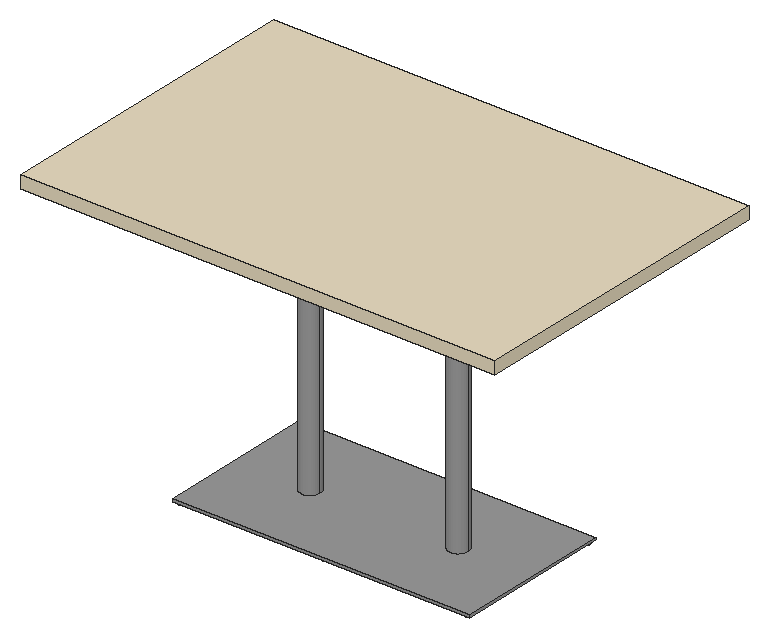
Revit family "FU_Table_Sandler_596T-XT", category Furniture, Revit 2020
Family settings
  OmniClass Number = 23.40.20.00
  OmniClass Title = General Furniture and Specialties
  Work Plane-Based = No
  Always vertical = Yes
  Cut with Voids When Loaded = No
  Shared = No
  Room Calculation Point = No
Parameters (values of type "596T-MT - 32x48" Top (80x120cm)")
  Width = 750 mm
  URL = "https://www.sandlerseating.com/product/596t-mt/"
  Top Size = FU_TableTops_MT Sqr : 32x48" Top (80x120cm)
  Top Finish [instance] = Wood - Beech - Honey Stained
  Model = "596T-MT"
  Manufacturer = "Sandler"
  Height = 720 mm
  Frame Finish [instance] = Metal - Steel - Polished
  Elevation = Height  # 720 mm
  Description = "Double column table base in stainless steel."
  Depth = 400 mm
  Default Elevation = 0 mm
Types (4, lengths in mm): name | Top Size | Frame Finish
  596T-MT - 28x48" Top (70x120cm) | FU_TableTops_MT Sqr : 28x48" Top (70x120cm) | Metal - Steel - Polished
  596T-MT - 28x51" Top (70x130cm) | FU_TableTops_MT Sqr : 28x52" Top (70x130cm) | Metal - Steel - Matt-Satin
  596T-MT - 32x48" Top (80x120cm) | FU_TableTops_MT Sqr : 32x48" Top (80x120cm) | Metal - Steel - Polished
  596T-MT - 32x51" Top (80x130cm) | FU_TableTops_MT Sqr : 32x52" Top (80x130cm) | Metal - Steel - Polished
Reference planes
  plane 1 "Center (Front/Back)": y = 0
  plane 2: z = 0
  plane 3 "Center (Left/Right)": x = 0
  plane 4 "Right": x = -375
  plane 5 "Left": x = 375
  plane 6 "Back": y = 200
  plane 7 "Front": y = -200
  plane 8 "Height": z = 720
  plane 9 "Glide height": z = 4
  plane 10 "LG H": y = 185.83
  plane 11: x = -360.83
  plane 12: x = -187.5
  plane 13: x = 187.5
Forms (mm)
  Extrusion 1, solid, material "Metal - Steel - Polished" <- "Frame Finish"
    sketch origin (0, 0, 4) x (-1, 0, 0) y (0, -1, 0)
      loop
        line (375, -200) -> (375, 200) -> (-375, 200) -> (-375, -200) -> (375, -200)
    from 0 to 6
  Revolve 2, solid, material "Rubber, Black"
    sketch origin (0, 185.83, 0) x (-1, 0, 0) y (0, 0, 1)
      loop
        line (372.33, 4) -> (360.83, 4) -> (360.83, 0) -> (370.33, 0)
        arc (370.33, 0) -> (371.744, 0.586) -> (372.33, 2) r 2
        line (372.33, 2) -> (372.33, 4)
      axis (360.83, 4) -> (360.83, 0)
    angle from 0 to 360
  Revolve 3, solid, material "Rubber, Black"
    sketch origin (0, 185.83, 0) x (1, 0, 0) y (0, 0, 1)
      loop
        line (372.33, 4) -> (362.33, 4) -> (362.33, 0) -> (370.33, 0)
        arc (370.33, 0) -> (371.744, 0.586) -> (372.33, 2) r 2
        line (372.33, 2) -> (372.33, 4)
      axis (362.33, 4) -> (362.33, 0)
    angle from 0 to 360
  Revolve 4, solid, material "Rubber, Black"
    sketch origin (0, -185.83, 0) x (-1, 0, 0) y (0, 0, -1)
      loop
        line (372.33, -4) -> (372.33, -2)
        arc (372.33, -2) -> (371.744, -0.586) -> (370.33, 0) r 2
        line (370.33, 0) -> (360.83, 0) -> (360.83, -4) -> (372.33, -4)
      axis (360.83, -4) -> (360.83, 0)
    angle from 0 to 360
  Revolve 5, solid, material "Rubber, Black"
    sketch origin (0, -185.83, 0) x (1, 0, 0) y (0, 0, 1)
      loop
        line (372.33, 4) -> (362.33, 4) -> (362.33, 0) -> (370.33, 0)
        arc (370.33, 0) -> (371.744, 0.586) -> (372.33, 2) r 2
        line (372.33, 2) -> (372.33, 4)
      axis (362.33, 4) -> (362.33, 0)
    angle from 0 to 360
  Revolve 6, solid, material "Rubber, Black"
    sketch origin (-360.83, 185.83, 0) x (1, 0, 0) y (0, 0, 1)
      loop
        line (370.83, 4) -> (360.83, 4) -> (360.83, 0) -> (368.83, 0)
        arc (368.83, 0) -> (370.244, 0.586) -> (370.83, 2) r 2
        line (370.83, 2) -> (370.83, 4)
      axis (360.83, 4) -> (360.83, 0)
    angle from 0 to 360
  Revolve 7, solid, material "Rubber, Black"
    sketch origin (-360.83, -185.83, 0) x (1, 0, 0) y (0, 0, 1)
      loop
        line (370.83, 4) -> (360.83, 4) -> (360.83, 0) -> (368.83, 0)
        arc (368.83, 0) -> (370.244, 0.586) -> (370.83, 2) r 2
        line (370.83, 2) -> (370.83, 4)
      axis (360.83, 4) -> (360.83, 0)
    angle from 0 to 360
  Extrusion 8, solid, material "Metal - Steel - Polished" <- "Frame Finish"
    sketch origin (0, 0, 4) x (-1, 0, 0) y (0, -1, 0)
      loop
        circle (187.5, 0) r 25
    from 6 to 716
  Extrusion 9, solid, material "Metal - Steel - Polished" <- "Frame Finish"
    sketch origin (0, 0, 4) x (1, 0, 0) y (0, 1, 0)
      loop
        circle (187.5, 0) r 25
    from 6 to 716
  Extrusion 10, solid, material "Metal - Steel - Polished" <- "Frame Finish"
    sketch origin (0, 0, 720) x (-1, 0, 0) y (0, -1, 0)
      loop
        line (235.5, 44.024) -> (307.236, 117.26)
        arc (307.236, 117.26) -> (304.417, 120.065) -> (301.532, 122.802) r 167.789
        line (301.532, 122.802) -> (227.879, 47.718) -> (147.12, 47.718) -> (73.468, 122.802)
        arc (73.468, 122.802) -> (70.583, 120.065) -> (67.764, 117.26) r 167.789
        line (67.764, 117.26) -> (139.5, 44.024) -> (139.5, -44.024) -> (67.486, -116.038)
        arc (67.486, -116.038) -> (70.298, -118.884) -> (73.177, -121.661) r 166.741
        line (73.177, -121.661) -> (146.556, -48.282) -> (228.444, -48.282) -> (301.823, -121.661)
        arc (301.823, -121.661) -> (304.702, -118.884) -> (307.514, -116.038) r 166.741
        line (307.514, -116.038) -> (235.5, -44.024) -> (235.5, 44.024)
    from -5.84 to -20
  Extrusion 11, solid, material "Metal - Steel - Polished" <- "Frame Finish"
    sketch origin (0, 0, 720) x (-1, 0, 0) y (0, -1, 0)
      loop
        arc (235.5, 9.198) -> (237.694, 20.46) -> (243.955, 30.074) r 30
        line (243.955, 30.074) -> (342.527, 133.309)
        arc (342.527, 133.309) -> (344.782, 138.939) -> (342.439, 144.533) r 8
        line (342.439, 144.533) -> (329.622, 157.35)
        arc (329.622, 157.35) -> (323.965, 159.693) -> (318.308, 157.35) r 8
        line (318.308, 157.35) -> (219.527, 57.069)
        arc (219.527, 57.069) -> (209.794, 50.566) -> (198.314, 48.282) r 30
        line (198.314, 48.282) -> (176.686, 48.282)
        arc (176.686, 48.282) -> (165.206, 50.566) -> (155.473, 57.069) r 30
        line (155.473, 57.069) -> (56.692, 157.35)
        arc (56.692, 157.35) -> (51.035, 159.693) -> (45.378, 157.35) r 8
        line (45.378, 157.35) -> (32.561, 144.533)
        arc (32.561, 144.533) -> (30.218, 138.939) -> (32.473, 133.309) r 8
        line (32.473, 133.309) -> (131.045, 30.074)
        arc (131.045, 30.074) -> (137.306, 20.46) -> (139.5, 9.198) r 30
        line (139.5, 9.198) -> (139.5, -9.198)
        arc (139.5, -9.198) -> (137.306, -20.46) -> (131.045, -30.074) r 30
        line (131.045, -30.074) -> (32.473, -131.809)
        arc (32.473, -131.809) -> (30.218, -137.439) -> (32.561, -143.033) r 8
        line (32.561, -143.033) -> (45.378, -155.85)
        arc (45.378, -155.85) -> (51.035, -158.193) -> (56.692, -155.85) r 8
        line (56.692, -155.85) -> (155.473, -57.069)
        arc (155.473, -57.069) -> (165.206, -50.566) -> (176.686, -48.282) r 30
        line (176.686, -48.282) -> (198.314, -48.282)
        arc (198.314, -48.282) -> (209.794, -50.566) -> (219.527, -57.069) r 30
        line (219.527, -57.069) -> (318.308, -155.85)
        arc (318.308, -155.85) -> (323.965, -158.193) -> (329.622, -155.85) r 8
        line (329.622, -155.85) -> (342.439, -143.033)
        arc (342.439, -143.033) -> (344.782, -137.439) -> (342.527, -131.809) r 8
        line (342.527, -131.809) -> (243.955, -30.074)
        arc (243.955, -30.074) -> (237.694, -20.46) -> (235.5, -9.198) r 30
        line (235.5, -9.198) -> (235.5, 9.198)
      loop
        line (53.101, -141.055) -> (62.998, -131.158)
        arc (62.998, -131.158) -> (62.998, -125.502) -> (57.342, -125.502) r 3.999
        line (57.342, -125.502) -> (47.445, -135.399)
        arc (47.445, -135.399) -> (47.5, -141.001) -> (53.101, -141.055) r 4
      loop
        arc (321.899, -141.055) -> (327.5, -141.001) -> (327.555, -135.399) r 4
        line (327.555, -135.399) -> (317.658, -125.502)
        arc (317.658, -125.502) -> (312.002, -125.502) -> (312.002, -131.158) r 3.999
        line (312.002, -131.158) -> (321.899, -141.055)
      loop
        arc (53.101, 142.555) -> (47.5, 142.501) -> (47.445, 136.899) r 4
        line (47.445, 136.899) -> (57.342, 127.002)
        arc (57.342, 127.002) -> (62.998, 127.002) -> (62.998, 132.658) r 3.999
        line (62.998, 132.658) -> (53.101, 142.555)
      loop
        line (321.899, 142.555) -> (312.002, 132.658)
        arc (312.002, 132.658) -> (312.002, 127.002) -> (317.658, 127.002) r 3.999
        line (317.658, 127.002) -> (327.555, 136.899)
        arc (327.555, 136.899) -> (327.5, 142.501) -> (321.899, 142.555) r 4
      loop
        circle (187.5, 0) r 7.5
    from -9.84 to 0
  Extrusion 12, solid, material "Metal - Steel - Polished" <- "Frame Finish"
    sketch origin (0, 0, 720) x (1, 0, 0) y (0, 1, 0)
      loop
        line (235.5, -44.024) -> (235.5, 44.024) -> (309.014, 116.038)
        arc (309.014, 116.038) -> (306.203, 118.919) -> (303.323, 121.732) r 167.824
        line (303.323, 121.732) -> (228.444, 48.282) -> (146.556, 48.282) -> (73.177, 121.661)
        arc (73.177, 121.661) -> (70.298, 118.884) -> (67.486, 116.038) r 166.741
        line (67.486, 116.038) -> (139.5, 44.024) -> (139.5, -44.024) -> (67.764, -117.26)
        arc (67.764, -117.26) -> (70.583, -120.065) -> (73.468, -122.802) r 167.789
        line (73.468, -122.802) -> (147.12, -47.718) -> (227.879, -47.718) -> (303.032, -122.871)
        arc (303.032, -122.871) -> (305.917, -120.1) -> (308.736, -117.26) r 168.862
        line (308.736, -117.26) -> (235.5, -44.024)
    from -5.84 to -20
  Extrusion 13, solid, material "Metal - Steel - Polished" <- "Frame Finish"
    sketch origin (0, 0, 720) x (1, 0, 0) y (0, 1, 0)
      loop
        line (235.5, -9.198) -> (235.5, 9.198)
        arc (235.5, 9.198) -> (237.694, 20.46) -> (243.955, 30.074) r 30
        line (243.955, 30.074) -> (344.027, 131.809)
        arc (344.027, 131.809) -> (346.282, 137.439) -> (343.939, 143.033) r 8
        line (343.939, 143.033) -> (331.122, 155.85)
        arc (331.122, 155.85) -> (325.465, 158.193) -> (319.808, 155.85) r 8
        line (319.808, 155.85) -> (219.527, 57.069)
        arc (219.527, 57.069) -> (209.794, 50.566) -> (198.314, 48.282) r 30
        line (198.314, 48.282) -> (176.686, 48.282)
        arc (176.686, 48.282) -> (165.206, 50.566) -> (155.473, 57.069) r 30
        line (155.473, 57.069) -> (56.692, 155.85)
        arc (56.692, 155.85) -> (51.035, 158.193) -> (45.378, 155.85) r 8
        line (45.378, 155.85) -> (32.561, 143.033)
        arc (32.561, 143.033) -> (30.218, 137.439) -> (32.473, 131.809) r 8
        line (32.473, 131.809) -> (131.045, 30.074)
        arc (131.045, 30.074) -> (137.306, 20.46) -> (139.5, 9.198) r 30
        line (139.5, 9.198) -> (139.5, -9.198)
        arc (139.5, -9.198) -> (137.306, -20.46) -> (131.045, -30.074) r 30
        line (131.045, -30.074) -> (32.473, -133.309)
        arc (32.473, -133.309) -> (30.218, -138.939) -> (32.561, -144.533) r 8
        line (32.561, -144.533) -> (45.378, -157.35)
        arc (45.378, -157.35) -> (51.035, -159.693) -> (56.692, -157.35) r 8
        line (56.692, -157.35) -> (155.473, -57.069)
        arc (155.473, -57.069) -> (165.206, -50.566) -> (176.686, -48.282) r 30
        line (176.686, -48.282) -> (198.314, -48.282)
        arc (198.314, -48.282) -> (209.794, -50.566) -> (219.527, -57.069) r 30
        line (219.527, -57.069) -> (319.808, -157.35)
        arc (319.808, -157.35) -> (325.465, -159.693) -> (331.122, -157.35) r 8
        line (331.122, -157.35) -> (343.939, -144.533)
        arc (343.939, -144.533) -> (346.282, -138.939) -> (344.027, -133.309) r 8
        line (344.027, -133.309) -> (243.955, -30.074)
        arc (243.955, -30.074) -> (237.694, -20.46) -> (235.5, -9.198) r 30
      loop
        arc (53.101, 141.055) -> (47.5, 141.001) -> (47.445, 135.399) r 4
        line (47.445, 135.399) -> (57.342, 125.502)
        arc (57.342, 125.502) -> (62.998, 125.502) -> (62.998, 131.158) r 3.999
        line (62.998, 131.158) -> (53.101, 141.055)
      loop
        line (323.399, 141.055) -> (313.502, 131.158)
        arc (313.502, 131.158) -> (313.502, 125.502) -> (319.158, 125.502) r 3.999
        line (319.158, 125.502) -> (329.055, 135.399)
        arc (329.055, 135.399) -> (329, 141.001) -> (323.399, 141.055) r 4
      loop
        line (53.101, -142.555) -> (62.998, -132.658)
        arc (62.998, -132.658) -> (62.998, -127.002) -> (57.342, -127.002) r 3.999
        line (57.342, -127.002) -> (47.445, -136.899)
        arc (47.445, -136.899) -> (47.5, -142.501) -> (53.101, -142.555) r 4
      loop
        arc (323.399, -142.555) -> (329, -142.501) -> (329.055, -136.899) r 4
        line (329.055, -136.899) -> (319.158, -127.002)
        arc (319.158, -127.002) -> (313.502, -127.002) -> (313.502, -132.658) r 3.999
        line (313.502, -132.658) -> (323.399, -142.555)
      loop
        circle (187.5, 0) r 7.5
    from -9.84 to 0
Cuts and joins
  joined: Extrusion 1, Extrusion 8, Extrusion 9, Extrusion 10, Extrusion 11, Extrusion 12, Extrusion 13
Dimensions and locks
  equal spacing: plane 4 "Right", plane 3 "Center (Left/Right)", plane 5 "Left"
  "Width": plane 4 "Right" to plane 5 "Left"
  equal spacing: plane 6 "Back", plane 1 "Center (Front/Back)", plane 7 "Front"
  "Depth": plane 6 "Back" to plane 7 "Front"
  "Height": plane 8 "Height" to level
  plane 9 "Glide height" to level = 4 mm
  aligned and locked: level to plane 2
  aligned and locked: plane 8 "Height" to cut or joined group of Extrusion 1, Extrusion 8, Extrusion 9, Extrusion 10, Extrusion 11, Extrusion 12, Extrusion 13  (x2)
Automatic sketch dimensions
  Extrusion 1 sketch curve to plane 5 "Left" = 0 mm
  Extrusion 1 sketch curve to plane 4 "Right" = 0 mm
  Extrusion 1 sketch curve to plane 6 "Back" = 0 mm
  Extrusion 1 sketch curve to plane 7 "Front" = 0 mm
  Revolve 2 sketch curve to plane 9 "Glide height" = 0 mm  (x2)
  plane 11 to Revolve 2 sketch curve = 0 mm  (x2)
  Revolve 2 sketch curve to level = 0 mm
  level to Revolve 2 sketch curve = 2 mm
  Revolve 2 sketch curve to plane 4 "Right" = 4.67 mm
  Revolve 2 sketch curve to level = 1.303 mm
  Revolve 3 sketch curve to plane 9 "Glide height" = 0 mm  (x2)
  Revolve 3 sketch curve to level = 0 mm
  Revolve 3 sketch curve to plane 5 "Left" = 12.67 mm
  Revolve 3 sketch curve to level = 2 mm
  Revolve 3 sketch curve to plane 5 "Left" = 4.67 mm
  Revolve 3 sketch curve to Revolve 3 sketch curve = 0 mm
  Revolve 3 sketch curve to Revolve 3 sketch curve = 1.303 mm
  Revolve 4 sketch curve to plane 9 "Glide height" = 0 mm  (x2)
  plane 11 to Revolve 4 sketch curve = 0 mm  (x2)
  Revolve 4 sketch curve to level = 0 mm
  level to Revolve 4 sketch curve = 2 mm
  Revolve 4 sketch curve to plane 4 "Right" = 4.67 mm
  Revolve 4 sketch curve to level = 1.303 mm
  Revolve 5 sketch curve to plane 9 "Glide height" = 0 mm  (x2)
  Revolve 5 sketch curve to level = 0 mm
  plane 5 "Left" to Revolve 5 sketch curve = 12.67 mm
  level to Revolve 5 sketch curve = 2 mm
  plane 5 "Left" to Revolve 5 sketch curve = 4.67 mm
  Revolve 5 sketch curve to Revolve 5 sketch curve = 0 mm
  Revolve 5 sketch curve to Revolve 5 sketch curve = 1.303 mm
  Revolve 6 sketch curve to plane 9 "Glide height" = 0 mm  (x2)
  Revolve 6 sketch curve to level = 0 mm
  plane 3 "Center (Left/Right)" to Revolve 6 sketch curve = 0 mm
  Revolve 6 sketch curve to level = 2 mm
  Revolve 6 sketch curve to plane 3 "Center (Left/Right)" = 8 mm
  Revolve 6 sketch curve to Revolve 6 sketch curve = 0 mm
  Revolve 6 sketch curve to Revolve 6 sketch curve = 1.303 mm
  Revolve 7 sketch curve to plane 9 "Glide height" = 0 mm  (x2)
  Revolve 7 sketch curve to level = 0 mm
  Revolve 7 sketch curve to plane 3 "Center (Left/Right)" = 0 mm
  level to Revolve 7 sketch curve = 2 mm
  plane 3 "Center (Left/Right)" to Revolve 7 sketch curve = 8 mm
  Revolve 7 sketch curve to Revolve 7 sketch curve = 0 mm
  Revolve 7 sketch curve to Revolve 7 sketch curve = 1.303 mm
  Extrusion 10 sketch curve to Extrusion 10 sketch curve = 0 mm  (x12)
  Extrusion 10 sketch curve to plane 12 = 0 mm
  Extrusion 10 sketch curve to plane 12 = 40.38 mm
  Extrusion 10 sketch curve to plane 12 = 40.944 mm
  Extrusion 10 sketch curve to Extrusion 10 sketch curve = 7.056 mm  (x2)
  Extrusion 10 sketch curve to plane 3 "Center (Left/Right)" = 73.468 mm
  Extrusion 10 sketch curve to plane 3 "Center (Left/Right)" = 73.177 mm
  Extrusion 10 sketch curve to Extrusion 10 sketch curve = 5.704 mm  (x2)
  Extrusion 10 sketch curve to Extrusion 10 sketch curve = 5.691 mm  (x2)
  plane 12 to Extrusion 10 sketch curve = 40.38 mm
  plane 12 to Extrusion 10 sketch curve = 40.944 mm
  Extrusion 10 sketch curve to plane 11 = 59.298 mm
  Extrusion 10 sketch curve to plane 11 = 59.007 mm
  Extrusion 10 sketch curve to plane 10 "LG H" = 64.169 mm  (x2)
  Extrusion 10 sketch curve to Extrusion 10 sketch curve = 5.623 mm
  Extrusion 10 sketch curve to plane 1 "Center (Front/Back)" = 48.282 mm
  Extrusion 10 sketch curve to Extrusion 10 sketch curve = 4.258 mm  (x2)
  plane 1 "Center (Front/Back)" to Extrusion 10 sketch curve = 44.024 mm  (x2)
  Extrusion 10 sketch curve to Extrusion 10 sketch curve = 3.693 mm
  plane 7 "Front" to Extrusion 10 sketch curve = 82.74 mm  (x2)
  plane 1 "Center (Front/Back)" to Extrusion 11 sketch curve = 0 mm
  Extrusion 11 sketch curve to plane 12 = 0 mm
  Extrusion 11 sketch curve to plane 12 = 10.814 mm  (x2)
  Extrusion 11 sketch curve to Extrusion 11 sketch curve = 21.213 mm  (x5)
  plane 1 "Center (Front/Back)" to Extrusion 11 sketch curve = 9.198 mm  (x2)
  Extrusion 11 sketch curve to plane 12 = 48 mm
  Extrusion 11 sketch curve to plane 1 "Center (Front/Back)" = 30.074 mm  (x2)
  Extrusion 11 sketch curve to Extrusion 11 sketch curve = 8.455 mm  (x4)
  plane 1 "Center (Front/Back)" to Extrusion 11 sketch curve = 30.074 mm  (x2)
  Extrusion 11 sketch curve to plane 1 "Center (Front/Back)" = 9.198 mm  (x2)
  Extrusion 11 sketch curve to plane 3 "Center (Left/Right)" = 62.998 mm  (x2)
  Extrusion 11 sketch curve to Extrusion 11 sketch curve = 2.828 mm  (x12)
  Extrusion 11 sketch curve to Extrusion 11 sketch curve = 6.306 mm  (x4)
  Extrusion 11 sketch curve to Extrusion 11 sketch curve = 9.897 mm  (x8)
  Extrusion 11 sketch curve to Extrusion 11 sketch curve = 5.657 mm  (x18)
  Extrusion 11 sketch curve to Extrusion 11 sketch curve = 2.773 mm  (x6)
  Extrusion 11 sketch curve to Extrusion 11 sketch curve = 2.883 mm  (x6)
  Extrusion 11 sketch curve to plane 10 "LG H" = 29.98 mm  (x2)
  Extrusion 11 sketch curve to Extrusion 11 sketch curve = 9.227 mm  (x4)
  Extrusion 11 sketch curve to Extrusion 11 sketch curve = 5.745 mm  (x4)
  plane 12 to Extrusion 11 sketch curve = 10.814 mm  (x2)
  plane 12 to Extrusion 11 sketch curve = 48 mm
  Extrusion 11 sketch curve to plane 11 = 48.828 mm  (x2)
  Extrusion 11 sketch curve to Extrusion 11 sketch curve = 12.817 mm  (x2)
  Extrusion 11 sketch curve to Extrusion 11 sketch curve = 9.138 mm  (x4)
  Extrusion 11 sketch curve to Extrusion 11 sketch curve = 48.208 mm
  Extrusion 11 sketch curve to Extrusion 11 sketch curve = 0 mm
  plane 1 "Center (Front/Back)" to Extrusion 11 sketch curve = 48.282 mm
  Extrusion 11 sketch curve to Extrusion 11 sketch curve = 8.787 mm  (x2)
  plane 7 "Front" to Extrusion 11 sketch curve = 72.998 mm  (x2)
  Extrusion 11 sketch curve to Extrusion 11 sketch curve = 6.307 mm  (x2)
  Extrusion 11 sketch curve to Extrusion 11 sketch curve = 5.567 mm  (x2)
  Extrusion 12 sketch curve to Extrusion 12 sketch curve = 0 mm  (x12)
  Extrusion 12 sketch curve to plane 3 "Center (Left/Right)" = 67.486 mm
  Extrusion 12 sketch curve to plane 3 "Center (Left/Right)" = 67.764 mm
  Extrusion 12 sketch curve to Extrusion 12 sketch curve = 5.691 mm  (x2)
  Extrusion 12 sketch curve to Extrusion 12 sketch curve = 5.704 mm  (x2)
  plane 1 "Center (Front/Back)" to Extrusion 12 sketch curve = 44.024 mm  (x2)
  Extrusion 12 sketch curve to Extrusion 12 sketch curve = 72.014 mm
  plane 1 "Center (Front/Back)" to Extrusion 12 sketch curve = 48.282 mm
  Extrusion 12 sketch curve to Extrusion 12 sketch curve = 7.056 mm  (x2)
  Extrusion 12 sketch curve to plane 1 "Center (Front/Back)" = 47.718 mm
  Extrusion 12 sketch curve to Extrusion 12 sketch curve = 7.62 mm
  plane 1 "Center (Front/Back)" to Extrusion 12 sketch curve = 0.282 mm
  Extrusion 12 sketch curve to Extrusion 12 sketch curve = 40.38 mm  (x2)
  Extrusion 12 sketch curve to Extrusion 12 sketch curve = 40.944 mm
  Extrusion 12 sketch curve to plane 5 "Left" = 71.968 mm
  Extrusion 12 sketch curve to plane 5 "Left" = 71.677 mm
  plane 10 "LG H" to Extrusion 12 sketch curve = 69.792 mm  (x2)
  Extrusion 12 sketch curve to Extrusion 12 sketch curve = 3.693 mm  (x2)
  Extrusion 12 sketch curve to plane 7 "Front" = 82.74 mm  (x2)
  plane 1 "Center (Front/Back)" to Extrusion 13 sketch curve = 0 mm
  Extrusion 13 sketch curve to plane 3 "Center (Left/Right)" = 32.473 mm  (x2)
  Extrusion 13 sketch curve to Extrusion 13 sketch curve = 0.089 mm  (x2)
  Extrusion 13 sketch curve to Extrusion 13 sketch curve = 5.745 mm  (x4)
  Extrusion 13 sketch curve to Extrusion 13 sketch curve = 12.817 mm  (x4)
  Extrusion 13 sketch curve to Extrusion 13 sketch curve = 9.227 mm  (x4)
  Extrusion 13 sketch curve to Extrusion 13 sketch curve = 2.883 mm  (x6)
  Extrusion 13 sketch curve to Extrusion 13 sketch curve = 5.657 mm  (x16)
  Extrusion 13 sketch curve to Extrusion 13 sketch curve = 2.773 mm  (x6)
  plane 10 "LG H" to Extrusion 13 sketch curve = 29.98 mm  (x2)
  Extrusion 13 sketch curve to Extrusion 13 sketch curve = 9.897 mm  (x8)
  Extrusion 13 sketch curve to Extrusion 13 sketch curve = 2.828 mm  (x12)
  plane 1 "Center (Front/Back)" to Extrusion 13 sketch curve = 9.198 mm  (x2)
  Extrusion 13 sketch curve to plane 3 "Center (Left/Right)" = 109.5 mm
  Extrusion 13 sketch curve to Extrusion 13 sketch curve = 0 mm
  Extrusion 13 sketch curve to plane 1 "Center (Front/Back)" = 30.074 mm  (x2)
  Extrusion 13 sketch curve to Extrusion 13 sketch curve = 21.545 mm  (x2)
  plane 1 "Center (Front/Back)" to Extrusion 13 sketch curve = 30.074 mm  (x2)
  Extrusion 13 sketch curve to plane 1 "Center (Front/Back)" = 57.069 mm  (x2)
  Extrusion 13 sketch curve to Extrusion 13 sketch curve = 24.427 mm  (x2)
  plane 1 "Center (Front/Back)" to Extrusion 13 sketch curve = 57.069 mm  (x2)
  Extrusion 13 sketch curve to Extrusion 13 sketch curve = 21.213 mm  (x5)
  Extrusion 13 sketch curve to Extrusion 13 sketch curve = 48 mm  (x2)
  Extrusion 13 sketch curve to Extrusion 13 sketch curve = 21.628 mm  (x2)
  Extrusion 13 sketch curve to plane 1 "Center (Front/Back)" = 9.198 mm
  Extrusion 13 sketch curve to Extrusion 13 sketch curve = 8.455 mm  (x2)
  Extrusion 13 sketch curve to plane 5 "Left" = 61.498 mm  (x2)
  Extrusion 13 sketch curve to Extrusion 13 sketch curve = 6.306 mm  (x2)
  Extrusion 13 sketch curve to Extrusion 13 sketch curve = 9.138 mm  (x4)
  Extrusion 13 sketch curve to Extrusion 13 sketch curve = 8.787 mm
  Extrusion 13 sketch curve to plane 7 "Front" = 72.998 mm  (x2)
  Extrusion 13 sketch curve to Extrusion 13 sketch curve = 6.307 mm  (x2)
  Extrusion 13 sketch curve to Extrusion 13 sketch curve = 5.567 mm  (x2)
  plane 1 "Center (Front/Back)" to Extrusion 8 sketch curve = 0 mm
  Extrusion 8 sketch curve to plane 12 = 0 mm
  plane 1 "Center (Front/Back)" to Extrusion 9 sketch curve = 0 mm
  Extrusion 9 sketch curve to plane 13 = 0 mm
  radius of Extrusion 11 sketch curve = 7.5 mm
  radius of Extrusion 13 sketch curve = 7.5 mm
  radius of Extrusion 8 sketch curve = 25 mm
  radius of Extrusion 9 sketch curve = 25 mm
Nested families
  nested 1: "FU_TableTops_MT Sqr" at (0, 0, 0), Top Elevation <- "Elevation", Top Finish <- "Top Finish", type <- "Top Size", type "32x48" Top (80x120cm)"
    with Top Finish Wood - Beech - Honey Stained, Top Elevation 720 mm
Definition of nested family "FU_TableTops_MT Sqr"
  Parameters (values of type "24x48" Top (60x120cm)")
    Width = 1200 mm
    Top Finish [instance] = none
    Top Elevation [instance] = 1100 mm
    Depth = 600 mm
    Default Elevation = 0 mm
  Types (16, lengths in mm): name | Width | Depth
    28x48" Top (70x120cm) | 1200 | 700
    28x52" Top (70x130cm) | 1300 | 700
    32x48" Top (80x120cm) | 1200 | 800
    32x52" Top (80x130cm) | 1300 | 800
    28x55" Top (70x140cm) | 1400 | 700
    32x55" Top (80x140cm) | 1400 | 800
    24" Square (60cm) | 600 | 600
    28" Square (70cm) | 700 | 700
    32" Square (80cm) | 800 | 800
    36" Square (90cm) | 900 | 900
    40" Square (100cm) | 1000 | 1000
    44" Square (110cm) | 1100 | 1100
    28x44" Top (70x110cm) | 1100 | 700
    24x40" Top (60x100cm) | 1000 | 600
    24x44" Top (60x110cm) | 1100 | 600
    24x48" Top (60x120cm) | 1200 | 600
  Reference planes
    plane 1 "Center (Front/Back)": y = 0
    plane 2: z = 0
    plane 3 "Center (Left/Right)": x = 0
    plane 4 "Right": x = -600
    plane 5 "Left": x = 600
    plane 6 "Back": y = 300
    plane 7 "Front": y = -300
    plane 8 "Elevation": z = 1100
    plane 9 "Top Height": z = 1131.75
  Forms (mm)
    Extrusion 1, solid, material <- "Top Finish"
      sketch origin (0, 0, 1100) x (-1, 0, 0) y (0, -1, 0)
        loop
          line (600, -300) -> (600, 300) -> (-600, 300) -> (-600, -300) -> (600, -300)
      from 0 to 31.75
  Dimensions and locks
    equal spacing: plane 4 "Right", plane 3 "Center (Left/Right)", plane 5 "Left"
    "Width": plane 4 "Right" to plane 5 "Left"
    equal spacing: plane 6 "Back", plane 1 "Center (Front/Back)", plane 7 "Front"
    "Depth": plane 6 "Back" to plane 7 "Front"
    "Top Elevation": plane 8 "Elevation" to level
    locked: plane 9 "Top Height" to plane 8 "Elevation" at 31.75
    aligned and locked: level to plane 2
    aligned and locked: Extrusion 1 sketch curve to plane 6 "Back"
    aligned and locked: Extrusion 1 sketch curve to plane 4 "Right"
    aligned and locked: plane 7 "Front" to Extrusion 1 sketch curve
    aligned and locked: plane 5 "Left" to Extrusion 1 sketch curve
    aligned and locked: Extrusion 1 to plane 8 "Elevation"
    aligned and locked: plane 8 "Elevation" to Extrusion 1  (x2)
    aligned and locked: plane 9 "Top Height" to Extrusion 1
    aligned and locked: Extrusion 1 to plane 9 "Top Height"
